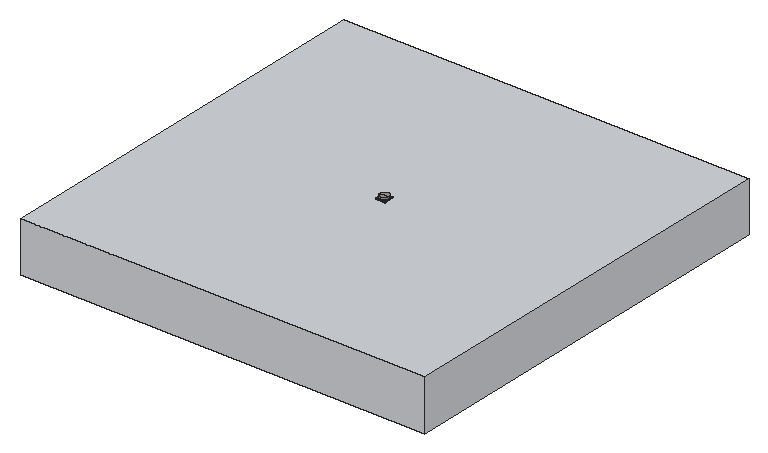
Revit family "Hekatron_Feststellanlagen_ASS 55_DE_22.01", category Brandmelder, Revit 2018
Family settings
  Basisbauteil = Fläche
  Beschriftungsausrichtung beibehalten = Ja
  Bemaßung runder Anschluss = Durchmesser verwenden
  Teiletyp = Normal
  OmniClass-Nummer = 23.85.30.21
  OmniClass-Titel = Environmental Detection/Registration
  Beim Laden mit Abzugskörper schneiden = Nein
  Gemeinsam genutzt = Nein
  Raumberechnungspunkt = Nein
Parameters (values of type "ASS 55")
  Zulässige Umgebungstemperatur = ""
  Zulässige Luftgeschwindigkeit = ""
  Zulassungen nach EN 54 = ""
  Width [instance] = 55 mm
  Version des BIM Objektes = "22.01"
  VdS-Anerkennung = ""
  URL = "https://www.hekatron-brandschutz.de"
  UB A&S Artikel Nummer = "6500023"
  Typenkommentare = "Ankerplatte ASS 55"
  Tiefe (mm) = "55.0"
  Stromaufnahme = ""
  Schutzart = ""
  Rauchteil einstellbar = ""
  Nettogewicht (g) = ""
  Montageart = "Türmontage"
  Modell = "ASS 55"
  Material = "Kunststoff\nMetall"
  Link zum Datenblatt = ""
  Link zu ausschreiben.de = "http://www.ausschreiben.de/katalog/Hekatron/position/76"
  Link zu Produktinformation = "https://www.hekatron-planungstools.de/Produktinfo/ASS_55.PDF"
  Link zu Ausschreibungstext = "https://www.meinhplus.de/login"
  Leistungserklärung (DoP) = ""
  Lautstärke DIN-Ton (dB) = ""
  Kabeleinführung = ""
  Höhe (mm) = "18.0"
  Hersteller = "Hekatron"
  Heigth [instance] = 55 mm
  Funktionsprinzip = ""
  Farbe = "silber/schwarz"
  Ex-Zonen = ""
  Einstellung Temperaturklasse nach EN 54-5 = ""
  Einstellung Temperaturindex nach EN 54-5 = ""
  Einstellung Rauchempfindlichkeit nach EN 54-20 = ""
  Einstellen Rauchempfindlichkeit nach EN 54-7 = ""
  EG-Konformitätszertifikat / Zertifikat der Leistungsbeständigkeit = ""
  Durchmesser (mm) = ""
  Depth [instance] = 18 mm
  Vorgabe-Ansicht = 1200 mm
  Breite (mm) = "55.0"
  Betriebsspannung = ""
  Beschreibung = "Ankerplatte, Durchmesser 55mm, passend zu den THM 413, 433, 439 und 440."
  Bauartgenehmigungen = ""
  Anzahl Ansaugleitungen = ""
  Ansprechtemperatur = ""
  Alarm- & Empfindlichkeitsbereich = ""
Reference planes
  plane 1 "Center (Front/Back)": y = 0
  plane 2: z = 0
  plane 3 "Center (Left/Right)": x = 0
Forms (mm)
  Extrusion 1, solid
    sketch origin (0, 0, 0) x (1, 0, 0) y (0, 1, 0)
      loop
        line (-1219.2, 1219.2) -> (-1219.2, -1219.2) -> (1219.2, -1219.2) -> (1219.2, 1219.2) -> (-1219.2, 1219.2)
    from 0 to -304.8
  Revolve 2, solid, material "Silver"
    sketch origin (0, 0, 18) x (-1, 0, 0) y (0, 0, -1)
      loop
        line (0, 13) -> (-16, 13) -> (-14.944, 7.012)
        arc (-14.944, 7.012) -> (-14.32, 5.88) -> (-13.134, 5.366) r 2
        arc (-13.134, 5.366) -> (-8.571, 5.091) -> (-4, 5) r 114.26
        line (-4, 5) -> (-27.5, 5) -> (-27.5, 0) -> (0, 0) -> (0, 13)
      axis (0, 13) -> (0, 0)
    angle from 0 to 360
  Extrusion 3, solid, material "Steel, Carbon"
    sketch origin (0, 0, 0) x (1, 0, 0) y (0, 1, 0)
      loop
        line (25.5, 27.5) -> (-25.5, 27.5)
        arc (-25.5, 27.5) -> (-26.914, 26.914) -> (-27.5, 25.5) r 2
        line (-27.5, 25.5) -> (-27.5, -25.5)
        arc (-27.5, -25.5) -> (-26.914, -26.914) -> (-25.5, -27.5) r 2
        line (-25.5, -27.5) -> (26.5, -27.5)
        arc (26.5, -27.5) -> (27.207, -27.207) -> (27.5, -26.5) r 1
        line (27.5, -26.5) -> (27.5, 25.5)
        arc (27.5, 25.5) -> (26.914, 26.914) -> (25.5, 27.5) r 2
    from 0.5 to 5
  Extrusion 4, void
    sketch origin (0, 0, 0) x (1, 0, 0) y (0, 0, 1)
      loop
        line (-26.5, 5) -> (-27.5, 5) -> (-27.5, 4)
        arc (-27.5, 4) -> (-27.207, 4.707) -> (-26.5, 5) r 1
      loop
        arc (26.5, 5) -> (27.207, 4.707) -> (27.5, 4) r 1
        line (27.5, 4) -> (27.5, 5) -> (26.5, 5)
    from -27.5 to 27.5
  Extrusion 5, void
    sketch origin (0, 0, 0) x (0, 1, 0) y (0, 0, 1)
      loop
        line (27.5, 5) -> (26.509, 5)
        arc (26.509, 5) -> (27.21, 4.71) -> (27.5, 4.009) r 0.991
        line (27.5, 4.009) -> (27.5, 5)
      loop
        line (-27.5, 5) -> (-27.5, 4.009)
        arc (-27.5, 4.009) -> (-27.21, 4.71) -> (-26.509, 5) r 0.991
        line (-26.509, 5) -> (-27.5, 5)
    from -27.5 to 27.5
  Extrusion 6, solid, material "Steel, Carbon"
    sketch origin (0, 0, 0) x (1, 0, 0) y (0, 1, 0)
      loop
        arc (27.5, 25.5) -> (26.914, 26.914) -> (25.5, 27.5) r 2
        line (25.5, 27.5) -> (16.901, 27.5)
        arc (16.901, 27.5) -> (16.697, 16.697) -> (27.5, 16.901) r 7.5
        line (27.5, 16.901) -> (27.5, 25.5)
      loop
        arc (-25.5, 27.5) -> (-26.914, 26.914) -> (-27.5, 25.5) r 2
        line (-27.5, 25.5) -> (-27.5, 16.901)
        arc (-27.5, 16.901) -> (-16.697, 16.697) -> (-16.901, 27.5) r 7.5
        line (-16.901, 27.5) -> (-25.5, 27.5)
      loop
        arc (-16.901, -27.5) -> (-16.697, -16.697) -> (-27.5, -16.901) r 7.5
        line (-27.5, -16.901) -> (-27.5, -25.5)
        arc (-27.5, -25.5) -> (-26.914, -26.914) -> (-25.5, -27.5) r 2
        line (-25.5, -27.5) -> (-16.901, -27.5)
      loop
        arc (27.5, -16.901) -> (16.697, -16.697) -> (16.901, -27.5) r 7.5
        line (16.901, -27.5) -> (26.5, -27.5)
        arc (26.5, -27.5) -> (27.207, -27.207) -> (27.5, -26.5) r 1
        line (27.5, -26.5) -> (27.5, -16.901)
    from 0 to 0.5
  Revolve 7, void
    sketch origin (0, 22, 0) x (1, 0, 0) y (0, 0, 1)
      loop
        line (-17.65, 5) -> (-22, 5) -> (-22, 0) -> (-19.75, 0) -> (-19.75, 2.9) -> (-17.65, 5)
      axis (-22, 0) -> (-22, 5)
    angle from 0 to 360
  Revolve 8, void
    sketch origin (0, 22, 0) x (-1, 0, 0) y (0, 0, -1)
      loop
        line (-17.65, -5) -> (-19.75, -2.9) -> (-19.75, 0) -> (-22, 0) -> (-22, -5) -> (-17.65, -5)
      axis (-22, 0) -> (-22, -5)
    angle from 0 to 360
  Revolve 9, void
    sketch origin (0, -22, 0) x (1, 0, 0) y (0, 0, -1)
      loop
        line (-17.65, -5) -> (-19.75, -2.9) -> (-19.75, 0) -> (-22, 0) -> (-22, -5) -> (-17.65, -5)
      axis (-22, 0) -> (-22, -5)
    angle from 0 to 360
  Revolve 10, void
    sketch origin (0, -22, 0) x (-1, 0, 0) y (0, 0, 1)
      loop
        line (-17.65, 5) -> (-22, 5) -> (-22, 0) -> (-19.75, 0) -> (-19.75, 2.9) -> (-17.65, 5)
      axis (-22, 0) -> (-22, 5)
    angle from 0 to 360
  Revolve 11, void
    sketch origin (0, 22, 0) x (-1, 0, 0) y (0, 0, -1)
      loop
        line (-17.65, -5) -> (-19.75, -2.9) -> (-19.75, 0) -> (-22, 0) -> (-22, -5) -> (-17.65, -5)
      axis (-22, 0) -> (-22, -5)
    angle from 0 to 360
  Revolve 12, void
    sketch origin (0, -22, 0) x (1, 0, 0) y (0, 0, -1)
      loop
        line (-17.65, -5) -> (-19.75, -2.9) -> (-19.75, 0) -> (-22, 0) -> (-22, -5) -> (-17.65, -5)
      axis (-22, 0) -> (-22, -5)
    angle from 0 to 360
  Blend 13, void
    base sketch origin (0, 0, 0) x (1, 0, 0) y (0, 1, 0)
      loop
        line (12.513, 24.5) -> (3.5, 24.5)
        arc (3.5, 24.5) -> (2.086, 23.914) -> (1.5, 22.5) r 2
        line (1.5, 22.5) -> (1.5, 12.52)
        arc (1.5, 12.52) -> (1.907, 11.311) -> (2.962, 10.594) r 2
        arc (2.962, 10.594) -> (4.21, 10.163) -> (5.397, 9.585) r 11
        arc (5.397, 9.585) -> (6.65, 9.346) -> (7.792, 9.914) r 2
        line (7.792, 9.914) -> (14.694, 16.816)
        arc (14.694, 16.816) -> (15.245, 17.855) -> (15.116, 19.024) r 2
        arc (15.116, 19.024) -> (14.618, 20.674) -> (14.51, 22.395) r 7.5
        arc (14.51, 22.395) -> (13.964, 23.876) -> (12.513, 24.5) r 2
    top sketch origin (0, 0, 0) x (1, 0, 0) y (0, 1, 0)
      loop
        arc (13.312, 22.458) -> (13.094, 23.051) -> (12.513, 23.3) r 0.8
        line (12.513, 23.3) -> (3.5, 23.3)
        arc (3.5, 23.3) -> (2.934, 23.066) -> (2.7, 22.5) r 0.8
        line (2.7, 22.5) -> (2.7, 12.52)
        arc (2.7, 12.52) -> (2.863, 12.036) -> (3.285, 11.75) r 0.8
        arc (3.285, 11.75) -> (4.669, 11.271) -> (5.986, 10.631) r 12.2
        arc (5.986, 10.631) -> (6.487, 10.535) -> (6.944, 10.762) r 0.8
        line (6.944, 10.762) -> (13.846, 17.664)
        arc (13.846, 17.664) -> (14.066, 18.08) -> (14.014, 18.547) r 0.8
        arc (14.014, 18.547) -> (13.437, 20.462) -> (13.312, 22.458) r 8.7
    from 0.5 to 2
  Blend 14, void
    base sketch origin (0, 0, 0) x (-1, 0, 0) y (0, -1, 0)
      loop
        arc (12.513, -24.5) -> (13.964, -23.876) -> (14.51, -22.395) r 2
        arc (14.51, -22.395) -> (14.618, -20.674) -> (15.116, -19.024) r 7.5
        arc (15.116, -19.024) -> (15.245, -17.855) -> (14.694, -16.816) r 2
        line (14.694, -16.816) -> (7.792, -9.914)
        arc (7.792, -9.914) -> (6.65, -9.346) -> (5.397, -9.585) r 2
        arc (5.397, -9.585) -> (4.21, -10.163) -> (2.962, -10.594) r 11
        arc (2.962, -10.594) -> (1.907, -11.311) -> (1.5, -12.52) r 2
        line (1.5, -12.52) -> (1.5, -22.5)
        arc (1.5, -22.5) -> (2.086, -23.914) -> (3.5, -24.5) r 2
        line (3.5, -24.5) -> (12.513, -24.5)
    top sketch origin (0, 0, 0) x (-1, 0, 0) y (0, -1, 0)
      loop
        arc (13.312, -22.458) -> (13.437, -20.462) -> (14.014, -18.547) r 8.7
        arc (14.014, -18.547) -> (14.066, -18.08) -> (13.846, -17.664) r 0.8
        line (13.846, -17.664) -> (6.944, -10.762)
        arc (6.944, -10.762) -> (6.487, -10.535) -> (5.986, -10.631) r 0.8
        arc (5.986, -10.631) -> (4.669, -11.271) -> (3.285, -11.75) r 12.2
        arc (3.285, -11.75) -> (2.863, -12.036) -> (2.7, -12.52) r 0.8
        line (2.7, -12.52) -> (2.7, -22.5)
        arc (2.7, -22.5) -> (2.934, -23.066) -> (3.5, -23.3) r 0.8
        line (3.5, -23.3) -> (12.513, -23.3)
        arc (12.513, -23.3) -> (13.094, -23.051) -> (13.312, -22.458) r 0.8
    from 0.5 to 2
  Blend 15, void
    base sketch origin (0, 0, 0) x (1, 0, 0) y (0, 1, 0)
      loop
        arc (12.513, -24.5) -> (13.964, -23.876) -> (14.51, -22.395) r 2
        arc (14.51, -22.395) -> (14.618, -20.674) -> (15.116, -19.024) r 7.5
        arc (15.116, -19.024) -> (15.245, -17.855) -> (14.694, -16.816) r 2
        line (14.694, -16.816) -> (7.792, -9.914)
        arc (7.792, -9.914) -> (6.65, -9.346) -> (5.397, -9.585) r 2
        arc (5.397, -9.585) -> (4.21, -10.163) -> (2.962, -10.594) r 11
        arc (2.962, -10.594) -> (1.907, -11.311) -> (1.5, -12.52) r 2
        line (1.5, -12.52) -> (1.5, -22.5)
        arc (1.5, -22.5) -> (2.086, -23.914) -> (3.5, -24.5) r 2
        line (3.5, -24.5) -> (12.513, -24.5)
    top sketch origin (0, 0, 0) x (1, 0, 0) y (0, 1, 0)
      loop
        arc (13.312, -22.458) -> (13.437, -20.462) -> (14.014, -18.547) r 8.7
        arc (14.014, -18.547) -> (14.066, -18.08) -> (13.846, -17.664) r 0.8
        line (13.846, -17.664) -> (6.944, -10.762)
        arc (6.944, -10.762) -> (6.487, -10.535) -> (5.986, -10.631) r 0.8
        arc (5.986, -10.631) -> (4.669, -11.271) -> (3.285, -11.75) r 12.2
        arc (3.285, -11.75) -> (2.863, -12.036) -> (2.7, -12.52) r 0.8
        line (2.7, -12.52) -> (2.7, -22.5)
        arc (2.7, -22.5) -> (2.934, -23.066) -> (3.5, -23.3) r 0.8
        line (3.5, -23.3) -> (12.513, -23.3)
        arc (12.513, -23.3) -> (13.094, -23.051) -> (13.312, -22.458) r 0.8
    from 0.5 to 2
  Blend 16, void
    base sketch origin (0, 0, 0) x (-1, 0, 0) y (0, -1, 0)
      loop
        line (12.513, 24.5) -> (3.5, 24.5)
        arc (3.5, 24.5) -> (2.086, 23.914) -> (1.5, 22.5) r 2
        line (1.5, 22.5) -> (1.5, 12.52)
        arc (1.5, 12.52) -> (1.907, 11.311) -> (2.962, 10.594) r 2
        arc (2.962, 10.594) -> (4.21, 10.163) -> (5.397, 9.585) r 11
        arc (5.397, 9.585) -> (6.65, 9.346) -> (7.792, 9.914) r 2
        line (7.792, 9.914) -> (14.694, 16.816)
        arc (14.694, 16.816) -> (15.245, 17.855) -> (15.116, 19.024) r 2
        arc (15.116, 19.024) -> (14.618, 20.674) -> (14.51, 22.395) r 7.5
        arc (14.51, 22.395) -> (13.964, 23.876) -> (12.513, 24.5) r 2
    top sketch origin (0, 0, 0) x (-1, 0, 0) y (0, -1, 0)
      loop
        arc (13.312, 22.458) -> (13.094, 23.051) -> (12.513, 23.3) r 0.8
        line (12.513, 23.3) -> (3.5, 23.3)
        arc (3.5, 23.3) -> (2.934, 23.066) -> (2.7, 22.5) r 0.8
        line (2.7, 22.5) -> (2.7, 12.52)
        arc (2.7, 12.52) -> (2.863, 12.036) -> (3.285, 11.75) r 0.8
        arc (3.285, 11.75) -> (4.669, 11.271) -> (5.986, 10.631) r 12.2
        arc (5.986, 10.631) -> (6.487, 10.535) -> (6.944, 10.762) r 0.8
        line (6.944, 10.762) -> (13.846, 17.664)
        arc (13.846, 17.664) -> (14.066, 18.08) -> (14.014, 18.547) r 0.8
        arc (14.014, 18.547) -> (13.437, 20.462) -> (13.312, 22.458) r 8.7
    from 0.5 to 2
  Blend 17, void
    base sketch origin (0, 0, 0) x (0, 1, 0) y (-1, 0, 0)
      loop
        arc (12.513, -24.5) -> (13.964, -23.876) -> (14.51, -22.395) r 2
        arc (14.51, -22.395) -> (14.618, -20.674) -> (15.116, -19.024) r 7.5
        arc (15.116, -19.024) -> (15.245, -17.855) -> (14.694, -16.816) r 2
        line (14.694, -16.816) -> (7.792, -9.914)
        arc (7.792, -9.914) -> (6.65, -9.346) -> (5.397, -9.585) r 2
        arc (5.397, -9.585) -> (4.21, -10.163) -> (2.962, -10.594) r 11
        arc (2.962, -10.594) -> (1.907, -11.311) -> (1.5, -12.52) r 2
        line (1.5, -12.52) -> (1.5, -22.5)
        arc (1.5, -22.5) -> (2.086, -23.914) -> (3.5, -24.5) r 2
        line (3.5, -24.5) -> (12.513, -24.5)
    top sketch origin (0, 0, 0) x (0, 1, 0) y (-1, 0, 0)
      loop
        arc (13.312, -22.458) -> (13.437, -20.462) -> (14.014, -18.547) r 8.7
        arc (14.014, -18.547) -> (14.066, -18.08) -> (13.846, -17.664) r 0.8
        line (13.846, -17.664) -> (6.944, -10.762)
        arc (6.944, -10.762) -> (6.487, -10.535) -> (5.986, -10.631) r 0.8
        arc (5.986, -10.631) -> (4.669, -11.271) -> (3.285, -11.75) r 12.2
        arc (3.285, -11.75) -> (2.863, -12.036) -> (2.7, -12.52) r 0.8
        line (2.7, -12.52) -> (2.7, -22.5)
        arc (2.7, -22.5) -> (2.934, -23.066) -> (3.5, -23.3) r 0.8
        line (3.5, -23.3) -> (12.513, -23.3)
        arc (12.513, -23.3) -> (13.094, -23.051) -> (13.312, -22.458) r 0.8
    from 0.5 to 2
  Blend 18, void
    base sketch origin (0, 0, 0) x (0, -1, 0) y (1, 0, 0)
      loop
        line (12.513, 24.5) -> (3.5, 24.5)
        arc (3.5, 24.5) -> (2.086, 23.914) -> (1.5, 22.5) r 2
        line (1.5, 22.5) -> (1.5, 12.52)
        arc (1.5, 12.52) -> (1.907, 11.311) -> (2.962, 10.594) r 2
        arc (2.962, 10.594) -> (4.21, 10.163) -> (5.397, 9.585) r 11
        arc (5.397, 9.585) -> (6.65, 9.346) -> (7.792, 9.914) r 2
        line (7.792, 9.914) -> (14.694, 16.816)
        arc (14.694, 16.816) -> (15.245, 17.855) -> (15.116, 19.024) r 2
        arc (15.116, 19.024) -> (14.618, 20.674) -> (14.51, 22.395) r 7.5
        arc (14.51, 22.395) -> (13.964, 23.876) -> (12.513, 24.5) r 2
    top sketch origin (0, 0, 0) x (0, -1, 0) y (1, 0, 0)
      loop
        arc (13.312, 22.458) -> (13.094, 23.051) -> (12.513, 23.3) r 0.8
        line (12.513, 23.3) -> (3.5, 23.3)
        arc (3.5, 23.3) -> (2.934, 23.066) -> (2.7, 22.5) r 0.8
        line (2.7, 22.5) -> (2.7, 12.52)
        arc (2.7, 12.52) -> (2.863, 12.036) -> (3.285, 11.75) r 0.8
        arc (3.285, 11.75) -> (4.669, 11.271) -> (5.986, 10.631) r 12.2
        arc (5.986, 10.631) -> (6.487, 10.535) -> (6.944, 10.762) r 0.8
        line (6.944, 10.762) -> (13.846, 17.664)
        arc (13.846, 17.664) -> (14.066, 18.08) -> (14.014, 18.547) r 0.8
        arc (14.014, 18.547) -> (13.437, 20.462) -> (13.312, 22.458) r 8.7
    from 0.5 to 2
  Blend 19, void
    base sketch origin (0, 0, 0) x (0, 1, 0) y (-1, 0, 0)
      loop
        line (12.513, 24.5) -> (3.5, 24.5)
        arc (3.5, 24.5) -> (2.086, 23.914) -> (1.5, 22.5) r 2
        line (1.5, 22.5) -> (1.5, 12.52)
        arc (1.5, 12.52) -> (1.907, 11.311) -> (2.962, 10.594) r 2
        arc (2.962, 10.594) -> (4.21, 10.163) -> (5.397, 9.585) r 11
        arc (5.397, 9.585) -> (6.65, 9.346) -> (7.792, 9.914) r 2
        line (7.792, 9.914) -> (14.694, 16.816)
        arc (14.694, 16.816) -> (15.245, 17.855) -> (15.116, 19.024) r 2
        arc (15.116, 19.024) -> (14.618, 20.674) -> (14.51, 22.395) r 7.5
        arc (14.51, 22.395) -> (13.964, 23.876) -> (12.513, 24.5) r 2
    top sketch origin (0, 0, 0) x (0, 1, 0) y (-1, 0, 0)
      loop
        arc (13.312, 22.458) -> (13.094, 23.051) -> (12.513, 23.3) r 0.8
        line (12.513, 23.3) -> (3.5, 23.3)
        arc (3.5, 23.3) -> (2.934, 23.066) -> (2.7, 22.5) r 0.8
        line (2.7, 22.5) -> (2.7, 12.52)
        arc (2.7, 12.52) -> (2.863, 12.036) -> (3.285, 11.75) r 0.8
        arc (3.285, 11.75) -> (4.669, 11.271) -> (5.986, 10.631) r 12.2
        arc (5.986, 10.631) -> (6.487, 10.535) -> (6.944, 10.762) r 0.8
        line (6.944, 10.762) -> (13.846, 17.664)
        arc (13.846, 17.664) -> (14.066, 18.08) -> (14.014, 18.547) r 0.8
        arc (14.014, 18.547) -> (13.437, 20.462) -> (13.312, 22.458) r 8.7
    from 0.5 to 2
  Blend 20, void
    base sketch origin (0, 0, 0) x (0, -1, 0) y (1, 0, 0)
      loop
        arc (12.513, -24.5) -> (13.964, -23.876) -> (14.51, -22.395) r 2
        arc (14.51, -22.395) -> (14.618, -20.674) -> (15.116, -19.024) r 7.5
        arc (15.116, -19.024) -> (15.245, -17.855) -> (14.694, -16.816) r 2
        line (14.694, -16.816) -> (7.792, -9.914)
        arc (7.792, -9.914) -> (6.65, -9.346) -> (5.397, -9.585) r 2
        arc (5.397, -9.585) -> (4.21, -10.163) -> (2.962, -10.594) r 11
        arc (2.962, -10.594) -> (1.907, -11.311) -> (1.5, -12.52) r 2
        line (1.5, -12.52) -> (1.5, -22.5)
        arc (1.5, -22.5) -> (2.086, -23.914) -> (3.5, -24.5) r 2
        line (3.5, -24.5) -> (12.513, -24.5)
    top sketch origin (0, 0, 0) x (0, -1, 0) y (1, 0, 0)
      loop
        arc (13.312, -22.458) -> (13.437, -20.462) -> (14.014, -18.547) r 8.7
        arc (14.014, -18.547) -> (14.066, -18.08) -> (13.846, -17.664) r 0.8
        line (13.846, -17.664) -> (6.944, -10.762)
        arc (6.944, -10.762) -> (6.487, -10.535) -> (5.986, -10.631) r 0.8
        arc (5.986, -10.631) -> (4.669, -11.271) -> (3.285, -11.75) r 12.2
        arc (3.285, -11.75) -> (2.863, -12.036) -> (2.7, -12.52) r 0.8
        line (2.7, -12.52) -> (2.7, -22.5)
        arc (2.7, -22.5) -> (2.934, -23.066) -> (3.5, -23.3) r 0.8
        line (3.5, -23.3) -> (12.513, -23.3)
        arc (12.513, -23.3) -> (13.094, -23.051) -> (13.312, -22.458) r 0.8
    from 0.5 to 2
  Blend 21, void
    base sketch origin (0, 0, 0) x (1, 0, 0) y (0, 1, 0)
      loop
        circle (0, 0) r 6.985
    top sketch origin (0, 0, 0) x (1, 0, 0) y (0, 1, 0)
      loop
        circle (0, 0) r 7.858
    from 2.9 to 0
Cuts and joins
  Extrusion 4, Extrusion 5, Revolve 7, Revolve 10, Revolve 11, Revolve 12, Blend 13, Blend 14, Blend 15, Blend 16, Blend 17, Blend 18, Blend 19, Blend 20, Blend 21 cuts Extrusion 3
  Revolve 7, Revolve 8, Revolve 9, Revolve 10, Revolve 11, Revolve 12 cuts Extrusion 6
Dimensions and locks
  "Depth": Revolve 2 to Extrusion 1
  "Width": cut or joined group 1 (Extrusion 3, Extrusion 4, Extrusion 5, Revolve 7, Revolve 10, Revolve 11, Revolve 12, Blend 13, Blend 14, Blend 15, Blend 16, Blend 17, Blend 18, Blend 19, Blend 20, Blend 21) to cut or joined group 1
  "Heigth": cut or joined group 1 to cut or joined group 1
  aligned and locked: plane 2 to Extrusion 1
  aligned and locked: level to Extrusion 1
Automatic sketch dimensions
  Extrusion 1 sketch curve to Extrusion 1 sketch curve = 2438.4 mm  (x2)
  Revolve 2 sketch curve to plane 3 "Center (Left/Right)" = 0 mm  (x2)
  plane 3 "Center (Left/Right)" to Revolve 2 sketch curve = 4 mm
  Revolve 2 sketch curve to Revolve 2 sketch curve = 8.975 mm
  Revolve 2 sketch curve to Revolve 2 sketch curve = 1.97 mm
  level to Revolve 2 sketch curve = 5 mm
  Revolve 2 sketch curve to Revolve 2 sketch curve = 1.056 mm
  Revolve 2 sketch curve to Revolve 2 sketch curve = 12.556 mm
  Revolve 2 sketch curve to Revolve 2 sketch curve = 5.641 mm
  Revolve 2 sketch curve to Revolve 2 sketch curve = 0.347 mm
  Revolve 2 sketch curve to Revolve 2 sketch curve = 2.012 mm
  Revolve 2 sketch curve to Revolve 2 sketch curve = 5 mm
  Revolve 2 sketch curve to level = 101.26 mm
  Revolve 2 sketch curve to Revolve 2 sketch curve = 0 mm  (x3)
  Revolve 2 sketch curve to Revolve 2 sketch curve = 609.6 mm
  Extrusion 3 sketch curve to plane 3 "Center (Left/Right)" = 27.5 mm
  Extrusion 3 sketch curve to Extrusion 3 sketch curve = 2 mm  (x2)
  plane 3 "Center (Left/Right)" to Extrusion 3 sketch curve = 25.5 mm
  plane 3 "Center (Left/Right)" to Extrusion 3 sketch curve = 26.5 mm
  Extrusion 3 sketch curve to Extrusion 3 sketch curve = 1 mm
  plane 1 "Center (Front/Back)" to Extrusion 3 sketch curve = 27.5 mm
  Extrusion 3 sketch curve to plane 1 "Center (Front/Back)" = 25.5 mm
  level to Extrusion 4 sketch curve = 5 mm
  Extrusion 4 sketch curve to plane 3 "Center (Left/Right)" = 27.5 mm
  Extrusion 4 sketch curve to Extrusion 4 sketch curve = 1 mm  (x3)
  level to Extrusion 4 sketch curve = 4 mm
  plane 3 "Center (Left/Right)" to Extrusion 4 sketch curve = 26.5 mm
  Extrusion 4 sketch curve to Extrusion 4 sketch curve = 0 mm  (x3)
  level to Extrusion 5 sketch curve = 5 mm  (x2)
  plane 1 "Center (Front/Back)" to Extrusion 5 sketch curve = 27.5 mm
  Extrusion 5 sketch curve to Extrusion 5 sketch curve = 0.991 mm  (x2)
  Extrusion 5 sketch curve to plane 1 "Center (Front/Back)" = 26.509 mm
  Extrusion 6 sketch curve to plane 1 "Center (Front/Back)" = 16.901 mm  (x2)
  Extrusion 6 sketch curve to plane 3 "Center (Left/Right)" = 27.5 mm  (x2)
  Extrusion 6 sketch curve to Extrusion 6 sketch curve = 2 mm  (x2)
  Extrusion 6 sketch curve to Extrusion 6 sketch curve = 3.5 mm  (x3)
  Extrusion 6 sketch curve to Extrusion 6 sketch curve = 5.099 mm  (x8)
  plane 3 "Center (Left/Right)" to Extrusion 6 sketch curve = 16.901 mm  (x2)
  Extrusion 6 sketch curve to Extrusion 6 sketch curve = 4.5 mm
  Extrusion 6 sketch curve to Extrusion 6 sketch curve = 1 mm
  Extrusion 6 sketch curve to Extrusion 6 sketch curve = 5.5 mm
  plane 1 "Center (Front/Back)" to Extrusion 6 sketch curve = 16.901 mm  (x2)
  Revolve 7 sketch curve to level = 0 mm  (x2)
  level to Revolve 7 sketch curve = 5 mm
  Revolve 7 sketch curve to plane 3 "Center (Left/Right)" = 22 mm
  Revolve 7 sketch curve to Revolve 7 sketch curve = 2.25 mm
  Revolve 7 sketch curve to Revolve 7 sketch curve = 2.1 mm
  Revolve 7 sketch curve to Revolve 7 sketch curve = 2.9 mm
  Revolve 7 sketch curve to Revolve 7 sketch curve = 0 mm
  Revolve 7 sketch curve to Revolve 7 sketch curve = 1.062 mm
  Revolve 8 sketch curve to level = 0 mm  (x2)
  level to Revolve 8 sketch curve = 5 mm
  plane 3 "Center (Left/Right)" to Revolve 8 sketch curve = 22 mm
  Revolve 8 sketch curve to Revolve 8 sketch curve = 2.25 mm
  Revolve 8 sketch curve to Revolve 8 sketch curve = 2.1 mm
  Revolve 8 sketch curve to Revolve 8 sketch curve = 2.9 mm
  Revolve 8 sketch curve to Revolve 8 sketch curve = 0 mm
  Revolve 8 sketch curve to Revolve 8 sketch curve = 1.062 mm
  Revolve 9 sketch curve to level = 0 mm  (x2)
  level to Revolve 9 sketch curve = 5 mm
  Revolve 9 sketch curve to plane 3 "Center (Left/Right)" = 22 mm
  Revolve 9 sketch curve to Revolve 9 sketch curve = 2.25 mm
  Revolve 9 sketch curve to Revolve 9 sketch curve = 2.1 mm
  Revolve 9 sketch curve to Revolve 9 sketch curve = 2.9 mm
  Revolve 9 sketch curve to Revolve 9 sketch curve = 0 mm
  Revolve 9 sketch curve to Revolve 9 sketch curve = 1.062 mm
  Revolve 10 sketch curve to level = 0 mm  (x2)
  level to Revolve 10 sketch curve = 5 mm
  plane 3 "Center (Left/Right)" to Revolve 10 sketch curve = 22 mm
  Revolve 10 sketch curve to Revolve 10 sketch curve = 2.25 mm
  Revolve 10 sketch curve to Revolve 10 sketch curve = 2.1 mm
  Revolve 10 sketch curve to Revolve 10 sketch curve = 2.9 mm
  Revolve 10 sketch curve to Revolve 10 sketch curve = 0 mm
  Revolve 10 sketch curve to Revolve 10 sketch curve = 1.062 mm
  Revolve 11 sketch curve to level = 0 mm  (x2)
  level to Revolve 11 sketch curve = 5 mm
  plane 3 "Center (Left/Right)" to Revolve 11 sketch curve = 22 mm
  Revolve 11 sketch curve to Revolve 11 sketch curve = 2.25 mm
  Revolve 11 sketch curve to Revolve 11 sketch curve = 2.1 mm
  Revolve 11 sketch curve to Revolve 11 sketch curve = 2.9 mm
  Revolve 11 sketch curve to Revolve 11 sketch curve = 0 mm
  Revolve 11 sketch curve to Revolve 11 sketch curve = 1.062 mm
  Revolve 12 sketch curve to level = 0 mm  (x2)
  level to Revolve 12 sketch curve = 5 mm
  Revolve 12 sketch curve to plane 3 "Center (Left/Right)" = 22 mm
  Revolve 12 sketch curve to Revolve 12 sketch curve = 2.25 mm
  Revolve 12 sketch curve to Revolve 12 sketch curve = 2.1 mm
  Revolve 12 sketch curve to Revolve 12 sketch curve = 2.9 mm
  Revolve 12 sketch curve to Revolve 12 sketch curve = 0 mm
  Revolve 12 sketch curve to Revolve 12 sketch curve = 1.062 mm
  plane 1 "Center (Front/Back)" to Blend 13 sketch curve = 0 mm  (x2)
  Blend 13 sketch curve to plane 3 "Center (Left/Right)" = 0 mm  (x2)
  plane 3 "Center (Left/Right)" to Blend 13 sketch curve = 1.5 mm
  Blend 13 sketch curve to Blend 13 sketch curve = 2 mm  (x3)
  Blend 13 sketch curve to Blend 13 sketch curve = 2.878 mm  (x2)
  Blend 13 sketch curve to Blend 13 sketch curve = 1.414 mm  (x4)
  Blend 13 sketch curve to Blend 13 sketch curve = 9.013 mm  (x2)
  Blend 13 sketch curve to Blend 13 sketch curve = 0.767 mm  (x2)
  Blend 13 sketch curve to Blend 13 sketch curve = 7.306 mm
  Blend 13 sketch curve to plane 1 "Center (Front/Back)" = 9.914 mm
  Blend 13 sketch curve to Blend 13 sketch curve = 2.935 mm
  Blend 13 sketch curve to Blend 13 sketch curve = 6.902 mm  (x2)
  Blend 13 sketch curve to Blend 13 sketch curve = 5.184 mm
  Blend 13 sketch curve to Blend 13 sketch curve = 9.98 mm
  Blend 13 sketch curve to Blend 13 sketch curve = 0 mm  (x5)
  plane 3 "Center (Left/Right)" to Blend 13 sketch curve = 2.7 mm
  Blend 13 sketch curve to Blend 13 sketch curve = 0.8 mm  (x2)
  Blend 13 sketch curve to Blend 13 sketch curve = 0.566 mm  (x4)
  Blend 13 sketch curve to Blend 13 sketch curve = 8.154 mm
  Blend 13 sketch curve to plane 1 "Center (Front/Back)" = 10.762 mm
  Blend 13 sketch curve to Blend 13 sketch curve = 1.889 mm
  Blend 13 sketch curve to Blend 13 sketch curve = 4.336 mm
  Blend 13 sketch curve to Blend 13 sketch curve = 3.953 mm
  plane 1 "Center (Front/Back)" to Blend 14 sketch curve = 0 mm  (x2)
  Blend 14 sketch curve to plane 3 "Center (Left/Right)" = 0 mm  (x2)
  plane 3 "Center (Left/Right)" to Blend 14 sketch curve = 1.5 mm
  Blend 14 sketch curve to Blend 14 sketch curve = 2 mm  (x3)
  Blend 14 sketch curve to Blend 14 sketch curve = 2.878 mm  (x2)
  Blend 14 sketch curve to Blend 14 sketch curve = 1.414 mm  (x4)
  Blend 14 sketch curve to Blend 14 sketch curve = 9.013 mm  (x2)
  Blend 14 sketch curve to Blend 14 sketch curve = 0.767 mm  (x2)
  Blend 14 sketch curve to Blend 14 sketch curve = 7.306 mm
  plane 1 "Center (Front/Back)" to Blend 14 sketch curve = 9.914 mm
  Blend 14 sketch curve to Blend 14 sketch curve = 2.935 mm
  Blend 14 sketch curve to Blend 14 sketch curve = 6.902 mm  (x2)
  Blend 14 sketch curve to Blend 14 sketch curve = 5.184 mm
  Blend 14 sketch curve to Blend 14 sketch curve = 9.98 mm
  Blend 14 sketch curve to Blend 14 sketch curve = 0 mm  (x5)
  plane 3 "Center (Left/Right)" to Blend 14 sketch curve = 2.7 mm
  Blend 14 sketch curve to Blend 14 sketch curve = 0.8 mm  (x2)
  Blend 14 sketch curve to Blend 14 sketch curve = 0.566 mm  (x4)
  Blend 14 sketch curve to Blend 14 sketch curve = 8.154 mm
  plane 1 "Center (Front/Back)" to Blend 14 sketch curve = 10.762 mm
  Blend 14 sketch curve to Blend 14 sketch curve = 1.889 mm
  Blend 14 sketch curve to Blend 14 sketch curve = 4.336 mm
  Blend 14 sketch curve to Blend 14 sketch curve = 3.953 mm
  plane 1 "Center (Front/Back)" to Blend 15 sketch curve = 0 mm  (x2)
  Blend 15 sketch curve to plane 3 "Center (Left/Right)" = 0 mm  (x2)
  Blend 15 sketch curve to plane 3 "Center (Left/Right)" = 1.5 mm
  Blend 15 sketch curve to Blend 15 sketch curve = 2 mm  (x3)
  Blend 15 sketch curve to Blend 15 sketch curve = 2.878 mm  (x2)
  Blend 15 sketch curve to Blend 15 sketch curve = 1.414 mm  (x4)
  Blend 15 sketch curve to Blend 15 sketch curve = 9.013 mm  (x2)
  Blend 15 sketch curve to Blend 15 sketch curve = 0.767 mm  (x2)
  Blend 15 sketch curve to Blend 15 sketch curve = 7.306 mm
  Blend 15 sketch curve to plane 1 "Center (Front/Back)" = 9.914 mm
  Blend 15 sketch curve to Blend 15 sketch curve = 2.935 mm
  Blend 15 sketch curve to Blend 15 sketch curve = 6.902 mm  (x2)
  Blend 15 sketch curve to Blend 15 sketch curve = 5.184 mm
  Blend 15 sketch curve to Blend 15 sketch curve = 9.98 mm
  Blend 15 sketch curve to Blend 15 sketch curve = 0 mm  (x5)
  Blend 15 sketch curve to plane 3 "Center (Left/Right)" = 2.7 mm
  Blend 15 sketch curve to Blend 15 sketch curve = 0.8 mm  (x2)
  Blend 15 sketch curve to Blend 15 sketch curve = 0.566 mm  (x4)
  Blend 15 sketch curve to Blend 15 sketch curve = 8.154 mm
  Blend 15 sketch curve to plane 1 "Center (Front/Back)" = 10.762 mm
  Blend 15 sketch curve to Blend 15 sketch curve = 1.889 mm
  Blend 15 sketch curve to Blend 15 sketch curve = 4.336 mm
  Blend 15 sketch curve to Blend 15 sketch curve = 3.953 mm
  plane 1 "Center (Front/Back)" to Blend 16 sketch curve = 0 mm  (x2)
  Blend 16 sketch curve to plane 3 "Center (Left/Right)" = 0 mm  (x2)
  Blend 16 sketch curve to plane 3 "Center (Left/Right)" = 1.5 mm
  Blend 16 sketch curve to Blend 16 sketch curve = 2 mm  (x3)
  Blend 16 sketch curve to Blend 16 sketch curve = 2.878 mm  (x2)
  Blend 16 sketch curve to Blend 16 sketch curve = 1.414 mm  (x4)
  Blend 16 sketch curve to Blend 16 sketch curve = 9.013 mm  (x2)
  Blend 16 sketch curve to Blend 16 sketch curve = 0.767 mm  (x2)
  Blend 16 sketch curve to Blend 16 sketch curve = 7.306 mm
  plane 1 "Center (Front/Back)" to Blend 16 sketch curve = 9.914 mm
  Blend 16 sketch curve to Blend 16 sketch curve = 2.935 mm
  Blend 16 sketch curve to Blend 16 sketch curve = 6.902 mm  (x2)
  Blend 16 sketch curve to Blend 16 sketch curve = 5.184 mm
  Blend 16 sketch curve to Blend 16 sketch curve = 9.98 mm
  Blend 16 sketch curve to Blend 16 sketch curve = 0 mm  (x5)
  Blend 16 sketch curve to plane 3 "Center (Left/Right)" = 2.7 mm
  Blend 16 sketch curve to Blend 16 sketch curve = 0.8 mm  (x2)
  Blend 16 sketch curve to Blend 16 sketch curve = 0.566 mm  (x4)
  Blend 16 sketch curve to Blend 16 sketch curve = 8.154 mm
  plane 1 "Center (Front/Back)" to Blend 16 sketch curve = 10.762 mm
  Blend 16 sketch curve to Blend 16 sketch curve = 1.889 mm
  Blend 16 sketch curve to Blend 16 sketch curve = 4.336 mm
  Blend 16 sketch curve to Blend 16 sketch curve = 3.953 mm
  plane 1 "Center (Front/Back)" to Blend 17 sketch curve = 0 mm  (x2)
  Blend 17 sketch curve to plane 3 "Center (Left/Right)" = 0 mm  (x2)
  plane 1 "Center (Front/Back)" to Blend 17 sketch curve = 1.5 mm
  Blend 17 sketch curve to Blend 17 sketch curve = 2 mm  (x3)
  Blend 17 sketch curve to Blend 17 sketch curve = 2.878 mm  (x2)
  Blend 17 sketch curve to Blend 17 sketch curve = 1.414 mm  (x4)
  Blend 17 sketch curve to Blend 17 sketch curve = 9.013 mm  (x2)
  Blend 17 sketch curve to Blend 17 sketch curve = 0.767 mm  (x2)
  Blend 17 sketch curve to Blend 17 sketch curve = 7.306 mm
  Blend 17 sketch curve to plane 3 "Center (Left/Right)" = 9.914 mm
  Blend 17 sketch curve to Blend 17 sketch curve = 2.935 mm
  Blend 17 sketch curve to Blend 17 sketch curve = 6.902 mm  (x2)
  Blend 17 sketch curve to Blend 17 sketch curve = 5.184 mm
  Blend 17 sketch curve to Blend 17 sketch curve = 9.98 mm
  Blend 17 sketch curve to Blend 17 sketch curve = 0 mm  (x5)
  plane 1 "Center (Front/Back)" to Blend 17 sketch curve = 2.7 mm
  Blend 17 sketch curve to Blend 17 sketch curve = 0.8 mm  (x2)
  Blend 17 sketch curve to Blend 17 sketch curve = 0.566 mm  (x4)
  Blend 17 sketch curve to Blend 17 sketch curve = 8.154 mm
  Blend 17 sketch curve to plane 3 "Center (Left/Right)" = 10.762 mm
  Blend 17 sketch curve to Blend 17 sketch curve = 1.889 mm
  Blend 17 sketch curve to Blend 17 sketch curve = 4.336 mm
  Blend 17 sketch curve to Blend 17 sketch curve = 3.953 mm
  plane 1 "Center (Front/Back)" to Blend 18 sketch curve = 0 mm  (x2)
  Blend 18 sketch curve to plane 3 "Center (Left/Right)" = 0 mm  (x2)
  plane 1 "Center (Front/Back)" to Blend 18 sketch curve = 1.5 mm
  Blend 18 sketch curve to Blend 18 sketch curve = 2 mm  (x3)
  Blend 18 sketch curve to Blend 18 sketch curve = 2.878 mm  (x2)
  Blend 18 sketch curve to Blend 18 sketch curve = 1.414 mm  (x4)
  Blend 18 sketch curve to Blend 18 sketch curve = 9.013 mm  (x2)
  Blend 18 sketch curve to Blend 18 sketch curve = 0.767 mm  (x2)
  Blend 18 sketch curve to Blend 18 sketch curve = 7.306 mm
  plane 3 "Center (Left/Right)" to Blend 18 sketch curve = 9.914 mm
  Blend 18 sketch curve to Blend 18 sketch curve = 2.935 mm
  Blend 18 sketch curve to Blend 18 sketch curve = 6.902 mm  (x2)
  Blend 18 sketch curve to Blend 18 sketch curve = 5.184 mm
  Blend 18 sketch curve to Blend 18 sketch curve = 9.98 mm
  Blend 18 sketch curve to Blend 18 sketch curve = 0 mm  (x5)
  plane 1 "Center (Front/Back)" to Blend 18 sketch curve = 2.7 mm
  Blend 18 sketch curve to Blend 18 sketch curve = 0.8 mm  (x2)
  Blend 18 sketch curve to Blend 18 sketch curve = 0.566 mm  (x4)
  Blend 18 sketch curve to Blend 18 sketch curve = 8.154 mm
  plane 3 "Center (Left/Right)" to Blend 18 sketch curve = 10.762 mm
  Blend 18 sketch curve to Blend 18 sketch curve = 1.889 mm
  Blend 18 sketch curve to Blend 18 sketch curve = 4.336 mm
  Blend 18 sketch curve to Blend 18 sketch curve = 3.953 mm
  plane 1 "Center (Front/Back)" to Blend 19 sketch curve = 0 mm  (x2)
  Blend 19 sketch curve to plane 3 "Center (Left/Right)" = 0 mm  (x2)
  Blend 19 sketch curve to plane 1 "Center (Front/Back)" = 1.5 mm
  Blend 19 sketch curve to Blend 19 sketch curve = 2 mm  (x3)
  Blend 19 sketch curve to Blend 19 sketch curve = 2.878 mm  (x2)
  Blend 19 sketch curve to Blend 19 sketch curve = 1.414 mm  (x4)
  Blend 19 sketch curve to Blend 19 sketch curve = 9.013 mm  (x2)
  Blend 19 sketch curve to Blend 19 sketch curve = 0.767 mm  (x2)
  Blend 19 sketch curve to Blend 19 sketch curve = 7.306 mm
  Blend 19 sketch curve to plane 3 "Center (Left/Right)" = 9.914 mm
  Blend 19 sketch curve to Blend 19 sketch curve = 2.935 mm
  Blend 19 sketch curve to Blend 19 sketch curve = 6.902 mm  (x2)
  Blend 19 sketch curve to Blend 19 sketch curve = 5.184 mm
  Blend 19 sketch curve to Blend 19 sketch curve = 9.98 mm
  Blend 19 sketch curve to Blend 19 sketch curve = 0 mm  (x5)
  Blend 19 sketch curve to plane 1 "Center (Front/Back)" = 2.7 mm
  Blend 19 sketch curve to Blend 19 sketch curve = 0.8 mm  (x2)
  Blend 19 sketch curve to Blend 19 sketch curve = 0.566 mm  (x4)
  Blend 19 sketch curve to Blend 19 sketch curve = 8.154 mm
  Blend 19 sketch curve to plane 3 "Center (Left/Right)" = 10.762 mm
  Blend 19 sketch curve to Blend 19 sketch curve = 1.889 mm
  Blend 19 sketch curve to Blend 19 sketch curve = 4.336 mm
  Blend 19 sketch curve to Blend 19 sketch curve = 3.953 mm
  plane 1 "Center (Front/Back)" to Blend 20 sketch curve = 0 mm  (x2)
  Blend 20 sketch curve to plane 3 "Center (Left/Right)" = 0 mm  (x2)
  Blend 20 sketch curve to plane 1 "Center (Front/Back)" = 1.5 mm
  Blend 20 sketch curve to Blend 20 sketch curve = 2 mm  (x3)
  Blend 20 sketch curve to Blend 20 sketch curve = 2.878 mm  (x2)
  Blend 20 sketch curve to Blend 20 sketch curve = 1.414 mm  (x4)
  Blend 20 sketch curve to Blend 20 sketch curve = 9.013 mm  (x2)
  Blend 20 sketch curve to Blend 20 sketch curve = 0.767 mm  (x2)
  Blend 20 sketch curve to Blend 20 sketch curve = 7.306 mm
  plane 3 "Center (Left/Right)" to Blend 20 sketch curve = 9.914 mm
  Blend 20 sketch curve to Blend 20 sketch curve = 2.935 mm
  Blend 20 sketch curve to Blend 20 sketch curve = 6.902 mm  (x2)
  Blend 20 sketch curve to Blend 20 sketch curve = 5.184 mm
  Blend 20 sketch curve to Blend 20 sketch curve = 9.98 mm
  Blend 20 sketch curve to Blend 20 sketch curve = 0 mm  (x5)
  Blend 20 sketch curve to plane 1 "Center (Front/Back)" = 2.7 mm
  Blend 20 sketch curve to Blend 20 sketch curve = 0.8 mm  (x2)
  Blend 20 sketch curve to Blend 20 sketch curve = 0.566 mm  (x4)
  Blend 20 sketch curve to Blend 20 sketch curve = 8.154 mm
  plane 3 "Center (Left/Right)" to Blend 20 sketch curve = 10.762 mm
  Blend 20 sketch curve to Blend 20 sketch curve = 1.889 mm
  Blend 20 sketch curve to Blend 20 sketch curve = 4.336 mm
  Blend 20 sketch curve to Blend 20 sketch curve = 3.953 mm
  Blend 21 sketch curve to Blend 21 sketch curve = 0 mm  (x4)
  Blend 21 sketch curve to plane 3 "Center (Left/Right)" = 0 mm  (x2)
  plane 1 "Center (Front/Back)" to Blend 21 sketch curve = 0 mm  (x2)
  plane 1 "Center (Front/Back)" to Blend 21 sketch curve = 6.985 mm
  plane 1 "Center (Front/Back)" to Blend 21 sketch curve = 7.858 mm
